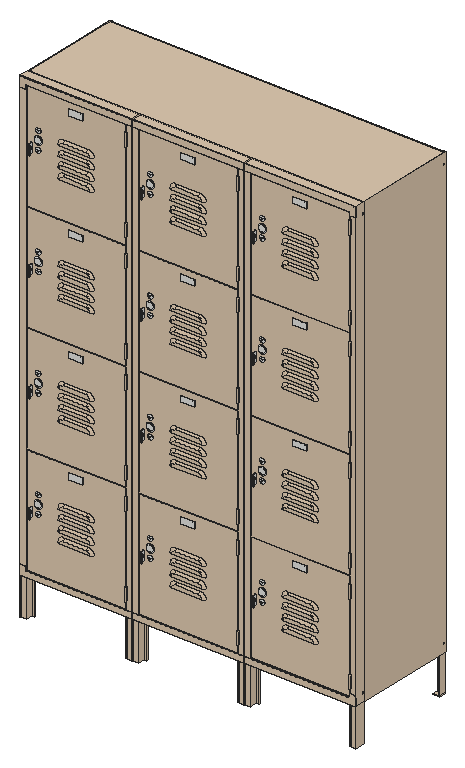
Revit family "Metal_Lockers-Salsbury_Industries-18_54000_Series-3_Wide_Units", category Specialty Equipment, Revit 2016
Family settings
  Part Type = Normal
  Round Connector Dimension = Use Diameter
  OmniClass Number = 23.40.00.00
  OmniClass Title = Equipment and Furnishings
  Work Plane-Based = No
  Always vertical = Yes
  Cut with Voids When Loaded = No
  Shared = No
  Room Calculation Point = No
Parameters (values of type "18-54368 - with Standard 6" High Legs")
  Zee Base Corner - Right Side [instance] = Metal Locker Zee Base Corner : None
  Zee Base Corner - Left Side [instance] = Metal Locker Zee Base Corner : None
  Zee Base - Right Side [instance] = Metal Locker Zee Base-Right Side : None
  Zee Base - Left Side [instance] = Metal Locker Zee Base-Left Side : None
  Zee Base = Metal Locker Zee Base - 3 Wide : None
  Width = 54.040"
  Version = "2.0 (02/28/18)"
  Unit Height including Sloping Hood Only [instance] = 82.739"
  Unit Height = 72.000"
  URL = "www.lockers.com"
  Type Comments = "18\" Wide Standard Metal Lockers - Four Tier"
  Total Door(s) Height [instance] = 69.81949"
  Sloping Top In-Line Filler - Right Side [instance] = Metal Locker Sloping Top Filler : None
  Sloping Top In-Line Filler - Left Side [instance] = Metal Locker Sloping Top Filler : None
  Sloping Top Corner Filler - Right Side [instance] = Metal Locker Sloping Corner Filler : None
  Sloping Top Corner Filler - Left Side [instance] = Metal Locker Sloping Corner Filler : None
  Sloping Hood Height = if(Depth = 18.010", 10.739", if(Depth = 21.010", 12.796", 0.000"))  # 10.739"
  Sloping Hood [instance] = Metal Locker Sloping Hood : None
  Sloping Corner Filler Offset = if(Base Height = 6.000", 77.680", if(Base Height = 4.000", 75.680", if(Base Height = 0.000", 71.680", 0.000")))  # 77.680"
  Compartment Divider Height = Individual Door Height - 0.375"  # 16.985"
  Right Side Base [instance] = Metal Locker Right Side Base : None
  Primary Structure Material [instance] = Paint - Salsbury Finish - Tan
  Overall Width including Rivets [instance] = 54.120"
  Unit Height including Base Only [instance] = 78.000"
  Overall Unit Height (including Base and Sloping Hood) [instance] = 88.739"
  OmniClass 23 Title = "Equipment and Furnishings"
  OmniClass 23 Number = "23.40.00.00"
  Model = "18-54368"
  MasterFormat Title = "Lockers"
  MasterFormat Number = "10 51 13"
  Manufacturer = "Salsbury Industries"
  Left Side Base [instance] = Metal Locker Left Side Base : None
  Individual Door Height = 17.360"
  Hasp Plate Rivet Material = Steel -Salsbury Finish - Polished Steel
  Hasp Handle Material = Plastic - Salsbury Finish - Black
  Front Vertical Filler - Right [instance] = Metal Locker Front Filler : None
  Front Vertical Filler - Left [instance] = Metal Locker Front Filler : None
  Front Base [instance] = Metal Locker Front Base : None
  Flat Top In-Line Filler - Right Side [instance] = Metal Locker Flat Top Filler : None
  Flat Top In-Line Filler - Left Side [instance] = Metal Locker Flat Top Filler : None
  Flat Top Corner Filler - Right Side [instance] = Metal Locker Flat Corner Filler : None
  Flat Top Corner Filler - Left Side [instance] = Metal Locker Flat Corner Filler : None
  Individual Door Width [instance] = 9.90055"
  End Panel - Right Side [instance] = Metal Locker End Panel : None
  End Panel - Left Side [instance] = Metal Locker End Panel : None
  Door Location D1 = Metal Locker Doors-18 inch with Latch Hasps : Four Tier Door - 6 foot
  Description = "3 Wide - 6 Feet High - 18 Inches Deep"
  Depth = 18.010"
  Base Height = 6.000"
  Standard Leg Base = Metal Locker Legs - 3 Wide : 6" High - 54"W x 18"D
  Assembly Code = "C1030310"
Reference planes (in)
  plane 1 "Center (Front/Back)": y = 0
  plane 2: z = 0
  plane 3 "Center (Left/Right)": x = 0
  plane 4 "Floor": z = 0
  plane 5 "Bottom of Unit": z = 6
  plane 6 "Top of Unit": z = 78
  plane 7 "Left Side of Unit": x = -18.02
  plane 8 "Right Side of Unit": x = 36.02
  plane 9 "Back of Unit": y = 9.005
  plane 10 "Front of Unit": y = -9.005
  plane 11 "Top of Sloping Hood": z = 88.739
  plane 12 "Left Rivet": x = -18.06
  plane 13 "Right Rivet": x = 36.06
  plane 14 "Right Side of Door Opening": x = 35.02
  plane 15 "Left Side of Door Opening": x = -17.02
  plane 16 "Top of Door Opening": z = 77
  plane 17 "Bottom of Door Opening": z = 7
  plane 18 "Back Edge of Front Facing": y = -7.417
  plane 19 "Front Plate Plane": y = -9.065
  plane 20 "Horizontal Center of Top Rivets": z = 76.5
  plane 21 "Horiz Center of Bottom Rivets": z = 7.5
  plane 22 "Vertical Center of Back Rivets": y = 8.505
  plane 23 "Vertical Center of Front Rivets": y = -7.755
  plane 24 "Right Align Top Filler Overlap": x = 35.435
  plane 25 "Left Align Top Filler Overlap": x = -17.435
  plane 26 "Corner Filler Align-Left": x = -18.08
  plane 27 "Corner Filler Align-Right": x = 36.08
  plane 28 "Right Side of Door": x = 34.95026
  plane 29 "Top of Door 1": z = 76.90976
  plane 30 "Bottom of Bottom Door": z = 7.09027
  plane 31 "Zee Base Offset": x = -17.669
  plane 32: x = 35.669
  plane 33 "Compartment Align 3": z = 24.985
  plane 34: x = -17.96
  plane 35: x = 35.96
  plane 36: x = -17.635
  plane 37: x = 35.635
  plane 38: y = 8.945
  plane 39: y = 8.895
  plane 40: y = 8.145
  plane 41: x = -17.9
  plane 42: x = 35.9
  plane 43: x = -17.095
  plane 44: x = 35.095
  plane 45: z = 77.94
  plane 46: z = 24.925
  plane 47: z = 23.985
  plane 48: z = 6.9204
  plane 49: z = 6.18539
  plane 50: z = 76.40796
  plane 51: z = 7.59204
  plane 52 "Right Side of Center Unit": x = 18.00667
  plane 53 "Left Side of Center Unit": x = -0.00667
  plane 54: x = 18.98167
  plane 55 "Left Side of Door Opening-Right Door": x = 19.00667
  plane 56: x = 17.03167
  plane 57 "Right Side of Door Opening-Center Door": x = 17.00667
  plane 58 "Right Side of Door - Center Door": x = 16.93667
  plane 59: x = 0.96833
  plane 60 "Left Side of Door Opening - Center Door": x = 0.99333
  plane 61: x = -0.98167
  plane 62 "Right Side of Door Opening - Left Door": x = -1.00667
  plane 63 "Right Side of Door - Left Door": x = -1.07667
  plane 64: z = 23.985
  plane 65 "Top of Door Row 3": z = 24.45027
  plane 66 "Bottom of Door Row 2": z = 24.57576
  plane 67 "Top of Door Row 2": z = 41.93576
  plane 68: z = 42.06276
  plane 69 "Compartment Align 2": z = 42.43527
  plane 70: z = 42.37527
  plane 71: z = 41.43527
  plane 72: z = 53.22076
  plane 73: z = 59.42276
  plane 74: z = 59.54976
  plane 75: z = 58.92076
  plane 76: z = 59.86076
  plane 77 "Compartment Align 1": z = 59.92076
  plane 78: z = 70.70625
Forms (in)
  Sweep 1, solid, material "Paint - Salsbury Finish - Tan" <- "Primary Structure Material"
    path origin (0, -9.005, 0) x (1, 0, 0) y (0, 0, 1)
      loop
        line (18.00667, 78) -> (18.00667, 6) -> (36.02, 6) -> (36.02, 78) -> (18.00667, 78)
    profile origin (27.01333, -9.005, 78) x (0, 0, 1) y (0, -1, 0)
      loop
        line (0, 0) -> (-1, 0) -> (-1, -1.588) -> (0, -1.588) -> (0, 0)
  Extrusion 2, solid, material "Paint - Salsbury Finish - Tan" <- "Primary Structure Material"
    sketch origin (0, 0, 6) x (0, -1, 0) y (1, 0, 0)
      loop
        line (7.417, 36.02) -> (-9.005, 36.02) -> (-9.005, 35.635) -> (-8.945, 35.635) -> (-8.945, 35.96) -> (7.417, 35.96) -> (7.417, 36.02)
    from 0 to 72
  Extrusion 3, solid, material "Paint - Salsbury Finish - Tan" <- "Primary Structure Material"
    sketch origin (0, 0, 6) x (0, -1, 0) y (1, 0, 0)
      loop
        line (7.417, -18.02) -> (7.417, -17.96) -> (-8.945, -17.96) -> (-8.945, -17.635) -> (-9.005, -17.635) -> (-9.005, -18.02) -> (7.417, -18.02)
    from 0 to 72
  Extrusion 4, solid, material "Paint - Salsbury Finish - Tan" <- "Primary Structure Material"
    sketch origin (0, 0, 6) x (0, -1, 0) y (1, 0, 0)
      loop
        line (-8.945, -17.96) -> (-8.145, -17.96) -> (-8.145, -17.9) -> (-8.895, -17.9) -> (-8.895, 35.9) -> (-8.145, 35.9) -> (-8.145, 35.96) -> (-8.945, 35.96) -> (-8.945, -17.96)
    from 0 to 72
  Sweep 5, solid, material "Paint - Salsbury Finish - Tan" <- "Primary Structure Material"
    path origin (0, 0, 7) x (0, -1, 0) y (1, 0, 0)
      loop
        line (7.417, -17.96) -> (7.417, 35.96) -> (-8.145, 35.96) -> (-8.145, 35.9) -> (-8.895, 35.9) -> (-8.895, -17.9) -> (-8.145, -17.9) -> (-8.145, -17.96) -> (7.417, -17.96)
    profile origin (-17.96, 0.364, 7) x (-1, 0, 0) y (0, 0, 1)
      loop
        line (0, -0.81461) -> (0, -0.0796) -> (-0.06, -0.0796) -> (-0.06, -0.81461) -> (0, -0.81461)
  Extrusion 6, solid, material "Paint - Salsbury Finish - Tan" <- "Primary Structure Material"
    sketch origin (0, 0, 7) x (0, -1, 0) y (1, 0, 0)
      loop
        line (-8.895, -17.9) -> (-8.145, -17.9) -> (-8.145, -17.96) -> (7.417, -17.96) -> (7.417, 35.96) -> (-8.145, 35.96) -> (-8.145, 35.9) -> (-8.895, 35.9) -> (-8.895, -17.9)
    from -0.0796 to 0
  Extrusion 7, solid, material "Paint - Salsbury Finish - Tan" <- "Primary Structure Material"
    sketch origin (0, 0, 78) x (0, -1, 0) y (1, 0, 0)
      loop
        line (-8.895, -17.9) -> (-8.145, -17.9) -> (-8.145, -17.96) -> (7.417, -17.96) -> (7.417, 35.96) -> (-8.145, 35.96) -> (-8.145, 35.9) -> (-8.895, 35.9) -> (-8.895, -17.9)
    from -0.06 to 0
  Extrusion 8, solid, material "Paint - Salsbury Finish - Tan" <- "Primary Structure Material"
    sketch origin (0, -9.065, 0) x (0, 0, -1) y (1, 0, 0)
      loop
        line (-78, -18.02) -> (-76.47656, -18.02)
        arc (-76.47656, -18.02) -> (-76.42806, -17.99991) -> (-76.40796, -17.9514) r 0.0686
        line (-76.40796, -17.9514) -> (-76.40796, -17.16351)
        arc (-76.40796, -17.16351) -> (-76.42809, -17.11506) -> (-76.47656, -17.095) r 0.0686
        line (-76.47656, -17.095) -> (-77, -17.095) -> (-77, 35.095) -> (-76.47656, 35.095)
        arc (-76.47656, 35.095) -> (-76.42809, 35.11506) -> (-76.40796, 35.16351) r 0.0686
        line (-76.40796, 35.16351) -> (-76.40796, 35.9514)
        arc (-76.40796, 35.9514) -> (-76.42806, 35.99991) -> (-76.47656, 36.02) r 0.0686
        line (-76.47656, 36.02) -> (-78, 36.02) -> (-78, -18.02)
    from -0.06 to 0
  Extrusion 9, solid, material "Paint - Salsbury Finish - Tan" <- "Primary Structure Material"
    sketch origin (0, -9.065, 84) x (0, 0, 1) y (-1, 0, 0)
      loop
        line (-78, 18.02) -> (-78, -36.02) -> (-76.47656, -36.02)
        arc (-76.47656, -36.02) -> (-76.42806, -35.99991) -> (-76.40796, -35.9514) r 0.0686
        line (-76.40796, -35.9514) -> (-76.40796, -35.16351)
        arc (-76.40796, -35.16351) -> (-76.42809, -35.11506) -> (-76.47656, -35.095) r 0.0686
        line (-76.47656, -35.095) -> (-77, -35.095) -> (-77, 17.095) -> (-76.47656, 17.095)
        arc (-76.47656, 17.095) -> (-76.42809, 17.11506) -> (-76.40796, 17.16351) r 0.0686
        line (-76.40796, 17.16351) -> (-76.40796, 17.9514)
        arc (-76.40796, 17.9514) -> (-76.42806, 17.99991) -> (-76.47656, 18.02) r 0.0686
        line (-76.47656, 18.02) -> (-78, 18.02)
    from -0.06 to 0
  Blend 10, solid, material "Steel -Salsbury Finish - Polished Steel" <- "Hasp Plate Rivet Material"
    base sketch origin (36.02, 0, 0) x (0, 0, -1) y (0, -1, 0)
      loop
        circle (-76.5, 7.755) r 0.187
    top sketch origin (36.02, 0, 0) x (0, 0, -1) y (0, -1, 0)
      loop
        circle (-76.5, 7.755) r 0.05319
    from 0 to -0.04
  Blend 11, solid, material "Steel -Salsbury Finish - Polished Steel" <- "Hasp Plate Rivet Material"
    base sketch origin (36.02, 0, -69) x (0, 0, -1) y (0, -1, 0)
      loop
        circle (-76.5, 7.755) r 0.187
    top sketch origin (36.02, 0, -69) x (0, 0, -1) y (0, -1, 0)
      loop
        circle (-76.5, 7.755) r 0.05319
    from 0 to -0.04
  Blend 12, solid, material "Steel -Salsbury Finish - Polished Steel" <- "Hasp Plate Rivet Material"
    base sketch origin (36.02, 10.26, -69) x (0, 0, -1) y (0, -1, 0)
      loop
        circle (-76.5, 1.755) r 0.187
    top sketch origin (36.02, 10.26, -69) x (0, 0, -1) y (0, -1, 0)
      loop
        circle (-76.5, 1.755) r 0.05319
    from 0 to -0.04
  Blend 13, solid, material "Steel -Salsbury Finish - Polished Steel" <- "Hasp Plate Rivet Material"
    base sketch origin (36.02, 10.26, 0.0043) x (0, 0, -1) y (0, -1, 0)
      loop
        circle (-76.5, 1.755) r 0.187
    top sketch origin (36.02, 10.26, 0.0043) x (0, 0, -1) y (0, -1, 0)
      loop
        circle (-76.5, 1.755) r 0.05319
    from 0 to -0.04
  Blend 14, solid, material "Steel -Salsbury Finish - Polished Steel" <- "Hasp Plate Rivet Material"
    base sketch origin (-6.02, 0, -69) x (0, 0, -1) y (0, 1, 0)
      loop
        circle (-76.5, -7.755) r 0.187
    top sketch origin (-6.02, 0, -69) x (0, 0, -1) y (0, 1, 0)
      loop
        circle (-76.5, -7.755) r 0.05319
    from -12 to -12.04
  Blend 15, solid, material "Steel -Salsbury Finish - Polished Steel" <- "Hasp Plate Rivet Material"
    base sketch origin (-6.02, 10.26, -69) x (0, 0, -1) y (0, 1, 0)
      loop
        circle (-76.5, -1.755) r 0.187
    top sketch origin (-6.02, 10.26, -69) x (0, 0, -1) y (0, 1, 0)
      loop
        circle (-76.5, -1.755) r 0.05319
    from -12 to -12.04
  Blend 16, solid, material "Steel -Salsbury Finish - Polished Steel" <- "Hasp Plate Rivet Material"
    base sketch origin (-6.02, 0, 0) x (0, 0, -1) y (0, 1, 0)
      loop
        circle (-76.5, -7.755) r 0.187
    top sketch origin (-6.02, 0, 0) x (0, 0, -1) y (0, 1, 0)
      loop
        circle (-76.5, -7.755) r 0.05319
    from -12 to -12.04
  Blend 17, solid, material "Steel -Salsbury Finish - Polished Steel" <- "Hasp Plate Rivet Material"
    base sketch origin (-6.02, 10.26, 0.00039) x (0, 0, -1) y (0, 1, 0)
      loop
        circle (-76.5, -1.755) r 0.187
    top sketch origin (-6.02, 10.26, 0.00039) x (0, 0, -1) y (0, 1, 0)
      loop
        circle (-76.5, -1.755) r 0.05319
    from -12 to -12.04
  Extrusion 18, solid, material "Paint - Salsbury Finish - Tan" <- "Primary Structure Material"
    sketch origin (0, 0, 24.985) x (0, -1, 0) y (1, 0, 0)
      loop
        line (-8.895, -17.9) -> (-8.145, -17.9) -> (-8.145, -17.96) -> (7.417, -17.96) -> (7.417, 35.96) -> (-8.145, 35.96) -> (-8.145, 35.9) -> (-8.895, 35.9) -> (-8.895, -17.9)
    from -0.06 to 0
  Sweep 19, solid, material "Paint - Salsbury Finish - Tan" <- "Primary Structure Material"
    path origin (0, 0, 24.985) x (0, -1, 0) y (1, 0, 0)
      loop
        line (7.417, -17.96) -> (7.417, 35.96) -> (-8.145, 35.96) -> (-8.145, 35.9) -> (-8.895, 35.9) -> (-8.895, -17.9) -> (-8.145, -17.9) -> (-8.145, -17.96) -> (7.417, -17.96)
    profile origin (-17.96, 0.364, 24.985) x (-1, 0, 0) y (0, 0, 1)
      loop
        line (0, -1) -> (0, -0.06) -> (-0.06, -0.06) -> (-0.06, -1) -> (0, -1)
  Sweep 20, solid, material "Paint - Salsbury Finish - Tan" <- "Primary Structure Material"
    path origin (-12.01333, -9.005, 0) x (1, 0, 0) y (0, 0, 1)
      loop
        line (12.00667, 78) -> (12.00667, 6) -> (30.02, 6) -> (30.02, 78) -> (12.00667, 78)
    profile origin (9, -9.005, 78) x (0, 0, 1) y (0, -1, 0)
      loop
        line (0, 0) -> (-1, 0) -> (-1, -1.588) -> (0, -1.588) -> (0, 0)
  Sweep 21, solid, material "Paint - Salsbury Finish - Tan" <- "Primary Structure Material"
    path origin (-24.02667, -9.005, 0) x (1, 0, 0) y (0, 0, 1)
      loop
        line (6.00667, 78) -> (6.00667, 6) -> (24.02, 6) -> (24.02, 78) -> (6.00667, 78)
    profile origin (-9.01333, -9.005, 78) x (0, 0, 1) y (0, -1, 0)
      loop
        line (0, 0) -> (-1, 0) -> (-1, -1.588) -> (0, -1.588) -> (0, 0)
  Extrusion 22, solid, material "Paint - Salsbury Finish - Tan" <- "Primary Structure Material"
    sketch origin (0, 0, 42.43527) x (0, -1, 0) y (1, 0, 0)
      loop
        line (-8.945, -17.9) -> (-8.145, -17.9) -> (-8.145, -17.96) -> (7.417, -17.96) -> (7.417, 35.96) -> (-8.145, 35.96) -> (-8.145, 35.9) -> (-8.945, 35.9) -> (-8.945, -17.9)
    from -0.06 to 0
  Sweep 23, solid, material "Paint - Salsbury Finish - Tan" <- "Primary Structure Material"
    path origin (0, 0, 42.43527) x (0, -1, 0) y (1, 0, 0)
      loop
        line (7.417, -17.96) -> (7.417, 35.96) -> (-8.145, 35.96) -> (-8.145, 35.9) -> (-8.945, 35.9) -> (-8.945, -17.9) -> (-8.145, -17.9) -> (-8.145, -17.96) -> (7.417, -17.96)
    profile origin (-17.96, 0.364, 42.43527) x (-1, 0, 0) y (0, 0, 1)
      loop
        line (0, -1) -> (0, -0.06) -> (-0.06, -0.06) -> (-0.06, -1) -> (0, -1)
  Extrusion 24, solid, material "Paint - Salsbury Finish - Tan" <- "Primary Structure Material"
    sketch origin (0, 0, 59.92076) x (0, -1, 0) y (1, 0, 0)
      loop
        line (-8.945, -17.9) -> (-8.145, -17.9) -> (-8.145, -17.96) -> (7.417, -17.96) -> (7.417, 35.96) -> (-8.145, 35.96) -> (-8.145, 35.9) -> (-8.945, 35.9) -> (-8.945, -17.9)
    from -0.06 to 0
  Sweep 25, solid, material "Paint - Salsbury Finish - Tan" <- "Primary Structure Material"
    path origin (0, 0, 59.92076) x (0, -1, 0) y (1, 0, 0)
      loop
        line (7.417, -17.96) -> (7.417, 35.96) -> (-8.145, 35.96) -> (-8.145, 35.9) -> (-8.945, 35.9) -> (-8.945, -17.9) -> (-8.145, -17.9) -> (-8.145, -17.96) -> (7.417, -17.96)
    profile origin (-17.96, 0.364, 59.92076) x (-1, 0, 0) y (0, 0, 1)
      loop
        line (0, -1) -> (0, -0.06) -> (-0.06, -0.06) -> (-0.06, -1) -> (0, -1)
Lines and regions (in)
  reference lines
    curve 1: line (-41.59242, -9.065, 78) -> (66.15758, -9.065, 78)
  symbolic lines
    curve 2: line (-18.02, 9.005, 78) -> (36.02, 9.005, 78)
    curve 3: line (-18.02, -9.065, 78) -> (-18.02, 9.005, 78)
    curve 4: line (36.02, -9.065, 78) -> (-18.02, -9.065, 78)
    curve 5: line (36.02, 9.005, 78) -> (36.02, -9.065, 78)
    curve 6: line (-18.06, -7.80819, 78) -> (-18.02, -7.91809, 78)
    curve 7: line (-18.02, -7.58043, 78) -> (-18.06, -7.70181, 78)
    curve 8: line (-18.06, -7.80819, 78) -> (-18.06, -7.70181, 78)
    curve 9: line (-18.06, 8.45181, 78) -> (-18.02, 8.31077, 78)
    curve 10: line (-18.06, 8.55819, 78) -> (-18.02, 8.68474, 78)
    curve 11: line (-18.06, 8.55819, 78) -> (-18.06, 8.45181, 78)
    curve 12: line (36.06, 8.55819, 78) -> (36.02, 8.70747, 78)
    curve 13: line (36.06, 8.45181, 78) -> (36.02, 8.3179, 78)
    curve 14: line (36.06, 8.55819, 78) -> (36.06, 8.45181, 78)
    curve 15: line (36.06, -7.70181, 78) -> (36.02, -7.57098, 78)
    curve 16: line (36.06, -7.80819, 78) -> (36.02, -7.94769, 78)
    curve 17: line (36.06, -7.70181, 78) -> (36.06, -7.80819, 78)
  model lines
    curve 18: line (18.00667, 9.005, 6) -> (18.00667, 9.005, 78)
    curve 19: line (-0.00667, 9.005, 6) -> (-0.00667, 9.005, 78)
    curve 20: line (-0.00667, 8.945, 78) -> (-0.00667, -9.065, 78)
    curve 21: line (18.00667, 8.945, 78) -> (18.00667, -9.065, 78)
Dimensions and locks (in)
  equal spacing: plane 7 "Left Side of Unit", plane 53 "Left Side of Center Unit", plane 52 "Right Side of Center Unit", plane 8 "Right Side of Unit"
  "Width": plane 7 "Left Side of Unit" to plane 8 "Right Side of Unit"
  "Base Height": plane 5 "Bottom of Unit" to plane 4 "Floor"
  "Unit Height": plane 6 "Top of Unit" to plane 5 "Bottom of Unit"
  "Unit Height including Base Only": plane 6 "Top of Unit" to plane 4 "Floor"
  equal spacing: plane 10 "Front of Unit", plane 1 "Center (Front/Back)", plane 9 "Back of Unit"
  "Depth": plane 10 "Front of Unit" to plane 9 "Back of Unit"
  "Sloping Hood Height": plane 11 "Top of Sloping Hood" to plane 6 "Top of Unit"
  "Overall Unit Height (including Base and Sloping Hood)": plane 11 "Top of Sloping Hood" to plane 4 "Floor"
  locked: plane 12 "Left Rivet" to plane 7 "Left Side of Unit" at 0.04
  locked: plane 8 "Right Side of Unit" to plane 13 "Right Rivet" at 0.04
  "Overall Width including Rivets": plane 12 "Left Rivet" to plane 13 "Right Rivet"
  plane 6 "Top of Unit" to plane 16 "Top of Door Opening" to plane 29 "Top of Door 1" to plane 50 = 1.000" locked, 0.09024", 0.5018"
  plane 51 to plane 30 "Bottom of Bottom Door" to plane 17 "Bottom of Door Opening" to plane 5 "Bottom of Unit" = 0.50177", 0.09027", 1.000" locked
  locked: plane 7 "Left Side of Unit" to plane 15 "Left Side of Door Opening" at 1
  plane 28 "Right Side of Door" to plane 14 "Right Side of Door Opening" to plane 8 "Right Side of Unit" = 0.06974", 1.000" locked
  plane 19 "Front Plate Plane" to plane 10 "Front of Unit" to plane 18 "Back Edge of Front Facing" = 0.060" locked, 1.588" locked
  "Unit Height including Sloping Hood Only": plane 11 "Top of Sloping Hood" to plane 5 "Bottom of Unit"
  locked: plane 20 "Horizontal Center of Top Rivets" to plane 6 "Top of Unit" at 1.5
  locked: plane 5 "Bottom of Unit" to plane 21 "Horiz Center of Bottom Rivets" at 1.5
  locked: plane 22 "Vertical Center of Back Rivets" to plane 9 "Back of Unit" at 0.5
  locked: plane 10 "Front of Unit" to plane 23 "Vertical Center of Front Rivets" at 1.25
  locked: plane 24 "Right Align Top Filler Overlap" to plane 13 "Right Rivet" at 0.625
  locked: plane 12 "Left Rivet" to plane 25 "Left Align Top Filler Overlap" at 0.625
  locked: plane 8 "Right Side of Unit" to plane 27 "Corner Filler Align-Right" at 0.06
  locked: plane 26 "Corner Filler Align-Left" to plane 7 "Left Side of Unit" at 0.06
  "Total Door(s) Height": plane 29 "Top of Door 1" to plane 30 "Bottom of Bottom Door"
  plane 7 "Left Side of Unit" to plane 31 "Zee Base Offset" = 0.351"
  plane 32 to plane 8 "Right Side of Unit" = 0.351"
  plane 33 "Compartment Align 3" to plane 46 to plane 64 = 0.060" locked, 0.940" locked
  plane 7 "Left Side of Unit" to plane 34 to plane 41 to plane 36 = 0.060" locked, 0.060" locked, 0.265" locked
  plane 37 to plane 42 to plane 35 to plane 8 "Right Side of Unit" = 0.265" locked, 0.060", 0.060"
  plane 40 to plane 39 to plane 38 to plane 9 "Back of Unit" = 0.750" locked, 0.050", 0.060"
  locked: plane 7 "Left Side of Unit" to plane 43 at 0.925
  locked: plane 44 to plane 8 "Right Side of Unit" at 0.925
  locked: plane 6 "Top of Unit" to plane 45 at 0.06
  plane 46 to plane 47 = 0.940"
  locked: plane 17 "Bottom of Door Opening" to plane 48 at 0.0796
  plane 48 to plane 49 = 0.73501"
  plane 58 "Right Side of Door - Center Door" to plane 57 "Right Side of Door Opening-Center Door" to plane 56 to plane 52 "Right Side of Center Unit" to plane 54 to plane 55 "Left Side of Door Opening-Right Door" = 0.070", 0.025", 0.975", 0.975", 0.025"
  plane 63 "Right Side of Door - Left Door" to plane 62 "Right Side of Door Opening - Left Door" to plane 61 to plane 53 "Left Side of Center Unit" to plane 59 to plane 60 "Left Side of Door Opening - Center Door" = 0.070", 0.025", 0.975", 0.975", 0.025"
  "Individual Door Height": plane 65 "Top of Door Row 3" to plane 30 "Bottom of Bottom Door"
  "Compartment Divider Height": plane 64 to plane 17 "Bottom of Door Opening"
  locked: plane 66 "Bottom of Door Row 2" to plane 65 "Top of Door Row 3" at 0.12549
  "Individual Door Height": plane 67 "Top of Door Row 2" to plane 66 "Bottom of Door Row 2"
  locked: plane 68 to plane 67 "Top of Door Row 2" at 0.127
  plane 69 "Compartment Align 2" to plane 70 to plane 71 = 0.060" locked, 0.940" locked
  "Compartment Divider Height": plane 71 to plane 65 "Top of Door Row 3"
  "Individual Door Height": plane 73 to plane 68
  locked: plane 74 to plane 73 at 0.127
  "Compartment Divider Height": plane 75 to plane 67 "Top of Door Row 2"
  plane 77 "Compartment Align 1" to plane 76 to plane 75 = 0.060" locked, 0.940" locked
  aligned and locked: level to plane 2
  aligned and locked: Extrusion 2 to plane 6 "Top of Unit"
  aligned and locked: Extrusion 3 to plane 6 "Top of Unit"
  aligned and locked: Extrusion 4 to plane 6 "Top of Unit"
  aligned and locked: Extrusion 8 to plane 10 "Front of Unit"
  aligned and locked: Extrusion 9 to plane 10 "Front of Unit"
  aligned and locked: Extrusion 6 to plane 17 "Bottom of Door Opening"
  aligned and locked: plane 4 "Floor" to nested 2
  aligned and locked: plane 5 "Bottom of Unit" to Extrusion 9
  aligned and locked: plane 8 "Right Side of Unit" to nested 6
  aligned and locked: plane 7 "Left Side of Unit" to nested 7
  aligned and locked: Blend 10 to plane 13 "Right Rivet"
  aligned and locked: plane 8 "Right Side of Unit" to Blend 10
  aligned and locked: Blend 15 to plane 7 "Left Side of Unit"
  aligned and locked: Blend 14 to plane 7 "Left Side of Unit"  (x2)
  aligned and locked: plane 12 "Left Rivet" to Blend 14
  aligned and locked: plane 12 "Left Rivet" to Blend 15
  aligned and locked: Blend 14 to plane 12 "Left Rivet"
  aligned and locked: Blend 17 to plane 7 "Left Side of Unit"
  aligned and locked: plane 12 "Left Rivet" to Blend 17
  aligned and locked: Blend 16 to plane 7 "Left Side of Unit"
  aligned and locked: plane 12 "Left Rivet" to Blend 16
  aligned and locked: plane 5 "Bottom of Unit" to nested 10
  aligned and locked: plane 13 "Right Rivet" to nested 10
  aligned and locked: plane 12 "Left Rivet" to nested 11
  aligned and locked: nested 11 to plane 10 "Front of Unit"
  aligned and locked: plane 13 "Right Rivet" to nested 12
  aligned and locked: plane 10 "Front of Unit" to nested 12
  aligned and locked: plane 6 "Top of Unit" to nested 12
  aligned and locked: plane 12 "Left Rivet" to nested 13
  aligned and locked: plane 10 "Front of Unit" to nested 13
  aligned and locked: plane 6 "Top of Unit" to nested 13
  aligned and locked: plane 6 "Top of Unit" to nested 14
  aligned and locked: nested 14 to plane 19 "Front Plate Plane"
  aligned and locked: nested 14 to plane 24 "Right Align Top Filler Overlap"
  aligned and locked: nested 15 to plane 25 "Left Align Top Filler Overlap"
  aligned and locked: nested 15 to plane 19 "Front Plate Plane"
  aligned and locked: nested 10 to nested 15
  aligned and locked: plane 19 "Front Plate Plane" to nested 16
  aligned and locked: plane 6 "Top of Unit" to nested 16
  aligned and locked: nested 17 to plane 6 "Top of Unit"
  aligned and locked: nested 17 to plane 19 "Front Plate Plane"
  aligned and locked: nested 18 to plane 24 "Right Align Top Filler Overlap"
  aligned and locked: nested 18 to plane 19 "Front Plate Plane"
  aligned and locked: plane 16 "Top of Door Opening" to nested 18
  aligned and locked: nested 19 to plane 16 "Top of Door Opening"
  aligned and locked: nested 19 to plane 25 "Left Align Top Filler Overlap"
  aligned and locked: nested 19 to plane 19 "Front Plate Plane"
  aligned and locked: nested 11 to plane 6 "Top of Unit"
  aligned and locked: plane 10 "Front of Unit" to nested 10
  aligned and locked: plane 10 "Front of Unit" to nested 21
  aligned and locked: plane 10 "Front of Unit" to nested 1
  aligned and locked: plane 10 "Front of Unit" to nested 2
  aligned and locked: plane 7 "Left Side of Unit" to nested 17
  aligned and locked: plane 31 "Zee Base Offset" to nested 9
  aligned and locked: plane 18 "Back Edge of Front Facing" to nested 9
  aligned and locked: nested 8 to plane 18 "Back Edge of Front Facing"
  aligned and locked: plane 32 to nested 8
  aligned and locked: Sweep 19 sketch curve to Extrusion 18
  aligned and locked: plane 7 "Left Side of Unit" to Extrusion 3
  aligned and locked: Extrusion 3 to plane 9 "Back of Unit"
  aligned and locked: Extrusion 2 to plane 8 "Right Side of Unit"
  aligned and locked: Extrusion 2 to plane 9 "Back of Unit"
  aligned and locked: plane 18 "Back Edge of Front Facing" to Extrusion 3
  aligned and locked: plane 18 "Back Edge of Front Facing" to Extrusion 2
  aligned and locked: plane 34 to Extrusion 3
  aligned and locked: Extrusion 2 to plane 35
  aligned and locked: plane 36 to Extrusion 3
  aligned and locked: Extrusion 2 to plane 37
  aligned and locked: Extrusion 3 to plane 38
  aligned and locked: plane 38 to Extrusion 2
  aligned and locked: Extrusion 4 to plane 38
  aligned and locked: Extrusion 4 to plane 39
  aligned and locked: Extrusion 4 to plane 34
  aligned and locked: plane 40 to Extrusion 4  (x2)
  aligned and locked: plane 41 to Extrusion 4
  aligned and locked: plane 42 to Extrusion 4
  aligned and locked: Extrusion 7 to plane 39
  aligned and locked: plane 41 to Extrusion 7
  aligned and locked: Extrusion 7 to plane 34  (x2)
  aligned and locked: Extrusion 7 to plane 40  (x2)
  aligned and locked: Extrusion 7 to plane 42
  aligned and locked: Extrusion 7 to plane 35  (x2)
  aligned and locked: plane 18 "Back Edge of Front Facing" to Extrusion 7
  aligned and locked: plane 18 "Back Edge of Front Facing" to Extrusion 6
  aligned and locked: Extrusion 6 to plane 39
  aligned and locked: Extrusion 6 to plane 42
  aligned and locked: Extrusion 6 to plane 40  (x2)
  aligned and locked: Extrusion 6 to plane 35
  aligned and locked: plane 41 to Extrusion 6
  aligned and locked: Extrusion 6 to plane 34
  aligned and locked: Sweep 5 to plane 39
  aligned and locked: Sweep 5 to plane 40  (x2)
  aligned and locked: Sweep 5 to plane 42
  aligned and locked: Sweep 5 to plane 35
  aligned and locked: plane 18 "Back Edge of Front Facing" to Sweep 5
  aligned and locked: Sweep 5 to plane 34
  aligned and locked: plane 41 to Sweep 5
  aligned and locked: Sweep 5 sketch curve to plane 41
  aligned and locked: Sweep 5 sketch curve to plane 39
  aligned and locked: plane 40 to Sweep 5 sketch curve  (x2)
  aligned and locked: Sweep 5 sketch curve to plane 34  (x2)
  aligned and locked: plane 42 to Sweep 5 sketch curve
  aligned and locked: Sweep 5 sketch curve to plane 35
  aligned and locked: Sweep 5 sketch curve to plane 18 "Back Edge of Front Facing"
  aligned and locked: Extrusion 18 to plane 39
  aligned and locked: Extrusion 18 to plane 42
  aligned and locked: Extrusion 18 to plane 40  (x2)
  aligned and locked: Extrusion 18 to plane 35
  aligned and locked: plane 18 "Back Edge of Front Facing" to Extrusion 18
  aligned and locked: Extrusion 18 to plane 34
  aligned and locked: plane 41 to Extrusion 18
  aligned and locked: Sweep 19 sketch curve to plane 39
  aligned and locked: plane 42 to Sweep 19 sketch curve
  aligned and locked: plane 40 to Sweep 19 sketch curve  (x2)
  aligned and locked: Sweep 19 sketch curve to plane 35
  aligned and locked: Sweep 19 sketch curve to plane 18 "Back Edge of Front Facing"
  aligned and locked: Sweep 19 sketch curve to plane 34  (x2)
  aligned and locked: Sweep 19 sketch curve to plane 41
  aligned and locked: plane 6 "Top of Unit" to Sweep 1 sketch curve  (x2)
  aligned and locked: plane 8 "Right Side of Unit" to Sweep 1 sketch curve
  aligned and locked: Sweep 1 sketch curve to plane 5 "Bottom of Unit"
  aligned and locked: plane 10 "Front of Unit" to Sweep 1
  aligned and locked: Extrusion 8 to plane 19 "Front Plate Plane"
  aligned and locked: plane 10 "Front of Unit" to Extrusion 8
  aligned and locked: Extrusion 8 to plane 8 "Right Side of Unit"
  aligned and locked: plane 7 "Left Side of Unit" to Extrusion 8
  aligned and locked: plane 7 "Left Side of Unit" to Extrusion 9
  aligned and locked: plane 19 "Front Plate Plane" to Extrusion 9
  aligned and locked: Extrusion 9 to plane 8 "Right Side of Unit"
  aligned and locked: plane 43 to Extrusion 9
  aligned and locked: plane 44 to Extrusion 9
  aligned and locked: plane 44 to Extrusion 8
  aligned and locked: Extrusion 8 to plane 43
  aligned and locked: plane 28 "Right Side of Door" to nested 21
  aligned and locked: plane 18 "Back Edge of Front Facing" to Sweep 1 sketch curve
  aligned and locked: Sweep 1 sketch curve to plane 16 "Top of Door Opening"
  aligned and locked: Sweep 1 sketch curve to plane 10 "Front of Unit"
  aligned and locked: plane 5 "Bottom of Unit" to Extrusion 4
  aligned and locked: plane 35 to Extrusion 4
  aligned and locked: plane 5 "Bottom of Unit" to Extrusion 3
  aligned and locked: plane 5 "Bottom of Unit" to Extrusion 2
  aligned and locked: Extrusion 7 to plane 6 "Top of Unit"
  aligned and locked: plane 45 to Extrusion 7
  aligned and locked: Extrusion 18 to plane 33 "Compartment Align 3"
  aligned and locked: Extrusion 18 to plane 46
  aligned and locked: plane 41 to Sweep 19 sketch curve
  aligned and locked: plane 47 to Sweep 19 sketch curve
  aligned and locked: Extrusion 6 to plane 48
  aligned and locked: Sweep 5 to plane 48
  aligned and locked: Sweep 5 sketch curve to plane 49
  aligned and locked: Sweep 5 sketch curve to plane 48
  aligned and locked: plane 41 to Sweep 5 sketch curve
  aligned and locked: plane 50 to Extrusion 8
  aligned and locked: Extrusion 8 to plane 50
  aligned and locked: Extrusion 8 to plane 6 "Top of Unit"
  aligned and locked: plane 16 "Top of Door Opening" to Extrusion 8
  aligned and locked: Extrusion 9 to plane 17 "Bottom of Door Opening"
  aligned and locked: plane 51 to Extrusion 9  (x2)
  aligned and locked: plane 4 "Floor" to nested 1
  aligned and locked: Blend 12 to plane 13 "Right Rivet"
  aligned and locked: plane 8 "Right Side of Unit" to Blend 12
  aligned and locked: plane 8 "Right Side of Unit" to Blend 13
  aligned and locked: Blend 13 to plane 13 "Right Rivet"
  aligned and locked: plane 8 "Right Side of Unit" to Blend 11
  aligned and locked: Blend 11 to plane 13 "Right Rivet"
  aligned and locked: curve 4 to Extrusion 8
  aligned and locked: curve 5 to Extrusion 8
  aligned and locked: curve 8 to Blend 14
  aligned and locked: curve 11 to Blend 15
  aligned and locked: curve 14 to Blend 12
  aligned and locked: curve 17 to Blend 10
  aligned and locked: Sweep 1 sketch curve to plane 52 "Right Side of Center Unit"
  aligned and locked: plane 6 "Top of Unit" to Sweep 20 sketch curve
  aligned and locked: Sweep 20 sketch curve to plane 5 "Bottom of Unit"
  aligned and locked: Sweep 21 sketch curve to plane 5 "Bottom of Unit"
  aligned and locked: plane 53 "Left Side of Center Unit" to Sweep 21 sketch curve
  aligned and locked: Sweep 21 sketch curve to plane 7 "Left Side of Unit"
  aligned and locked: plane 6 "Top of Unit" to Sweep 21 sketch curve
  aligned and locked: Sweep 20 sketch curve to plane 53 "Left Side of Center Unit"
  aligned and locked: plane 52 "Right Side of Center Unit" to Sweep 20 sketch curve
  aligned and locked: plane 10 "Front of Unit" to nested 23
  aligned and locked: plane 18 "Back Edge of Front Facing" to Sweep 20 sketch curve
  aligned and locked: Sweep 20 sketch curve to plane 16 "Top of Door Opening"
  aligned and locked: profile plane to Sweep 20 sketch curve
  aligned and locked: Sweep 20 sketch curve to profile plane
  aligned and locked: profile plane to Sweep 21 sketch curve
  aligned and locked: plane 18 "Back Edge of Front Facing" to Sweep 21 sketch curve
  aligned and locked: Sweep 21 sketch curve to plane 16 "Top of Door Opening"
  aligned and locked: Sweep 21 sketch curve to profile plane
  aligned and locked: plane 58 "Right Side of Door - Center Door" to nested 22
  aligned and locked: plane 63 "Right Side of Door - Left Door" to nested 23
  aligned and locked: nested 22 to plane 30 "Bottom of Bottom Door"
  aligned and locked: nested 23 to plane 30 "Bottom of Bottom Door"
  aligned and locked: plane 4 "Floor" to nested 5
  aligned and locked: plane 9 "Back of Unit" to nested 6
  aligned and locked: plane 9 "Back of Unit" to nested 7
  aligned and locked: plane 52 "Right Side of Center Unit" to curve 18
  aligned and locked: plane 53 "Left Side of Center Unit" to curve 19
  aligned and locked: plane 5 "Bottom of Unit" to curve 19
  aligned and locked: plane 5 "Bottom of Unit" to curve 18
  aligned and locked: plane 6 "Top of Unit" to curve 18
  aligned and locked: plane 6 "Top of Unit" to curve 19
  aligned and locked: curve 20 to Extrusion 4
  aligned and locked: curve 20 to Sweep 21
  aligned and locked: curve 21 to Sweep 20
  aligned and locked: Extrusion 4 to curve 21
  aligned and locked: Extrusion 8 to curve 20
  aligned and locked: plane 6 "Top of Unit" to nested 24
  aligned and locked: plane 19 "Front Plate Plane" to nested 24
  aligned and locked: plane 10 "Front of Unit" to nested 22
  aligned and locked: nested 21 to plane 30 "Bottom of Bottom Door"
  aligned and locked: Sweep 19 to plane 64
  aligned and locked: nested 25 to plane 66 "Bottom of Door Row 2"
  aligned and locked: nested 26 to plane 66 "Bottom of Door Row 2"
  aligned and locked: nested 27 to plane 66 "Bottom of Door Row 2"
  aligned and locked: plane 28 "Right Side of Door" to nested 25
  aligned and locked: plane 58 "Right Side of Door - Center Door" to nested 26
  aligned and locked: plane 63 "Right Side of Door - Left Door" to nested 27
  aligned and locked: plane 10 "Front of Unit" to nested 25
  aligned and locked: plane 10 "Front of Unit" to nested 26
  aligned and locked: plane 10 "Front of Unit" to nested 27
  aligned and locked: plane 68 to nested 28
  aligned and locked: nested 29 to plane 68
  aligned and locked: nested 30 to plane 68
  aligned and locked: Extrusion 22 to Sweep 23 sketch curve
  aligned and locked: plane 70 to Extrusion 22
  aligned and locked: Extrusion 22 to plane 69 "Compartment Align 2"
  aligned and locked: Sweep 23 sketch curve to plane 71
  aligned and locked: plane 28 "Right Side of Door" to nested 28
  aligned and locked: plane 58 "Right Side of Door - Center Door" to nested 29
  aligned and locked: plane 63 "Right Side of Door - Left Door" to nested 30
  aligned and locked: plane 10 "Front of Unit" to nested 28
  aligned and locked: plane 10 "Front of Unit" to nested 29
  aligned and locked: plane 10 "Front of Unit" to nested 30
  aligned and locked: Sweep 23 to Extrusion 22  (x2)
  aligned and locked: plane 18 "Back Edge of Front Facing" to Extrusion 22
  aligned and locked: Extrusion 22 to nested 5
  aligned and locked: Extrusion 22 to Sweep 23  (x2)
  aligned and locked: Sweep 23 sketch curve to plane 18 "Back Edge of Front Facing"
  aligned and locked: Sweep 23 sketch curve to plane 35
  aligned and locked: plane 42 to Sweep 23 sketch curve
  aligned and locked: Sweep 23 sketch curve to plane 34
  aligned and locked: Sweep 23 sketch curve to plane 41
  aligned and locked: Sweep 23 sketch curve to plane 38
  aligned and locked: plane 74 to nested 31
  aligned and locked: nested 32 to plane 74
  aligned and locked: nested 33 to plane 74
  aligned and locked: plane 28 "Right Side of Door" to nested 31
  aligned and locked: plane 58 "Right Side of Door - Center Door" to nested 32
  aligned and locked: plane 63 "Right Side of Door - Left Door" to nested 33
  aligned and locked: plane 10 "Front of Unit" to nested 31
  aligned and locked: plane 10 "Front of Unit" to nested 32
  aligned and locked: plane 10 "Front of Unit" to nested 33
  aligned and locked: Extrusion 24 to Sweep 25 sketch curve
  aligned and locked: Sweep 25 to Extrusion 24  (x2)
  aligned and locked: Extrusion 24 to Sweep 25  (x2)
  aligned and locked: Extrusion 24 to plane 77 "Compartment Align 1"
  aligned and locked: plane 76 to Extrusion 24
  aligned and locked: Extrusion 24 to plane 38
  aligned and locked: plane 18 "Back Edge of Front Facing" to Extrusion 24
  aligned and locked: plane 41 to Extrusion 24
  aligned and locked: Extrusion 24 to plane 42
  aligned and locked: Extrusion 24 to plane 35
  aligned and locked: Sweep 25 sketch curve to plane 34
  aligned and locked: Sweep 25 sketch curve to plane 41
  aligned and locked: Sweep 25 sketch curve to plane 18 "Back Edge of Front Facing"
  aligned and locked: Sweep 25 sketch curve to plane 35
  aligned and locked: plane 42 to Sweep 25 sketch curve
  aligned and locked: Sweep 25 sketch curve to plane 38
  aligned and locked: Sweep 25 sketch curve to plane 75
  aligned and locked: Extrusion 24 sketch curve to plane 40  (x2)
  aligned and locked: plane 40 to Sweep 25 sketch curve  (x2)
  aligned and locked: Extrusion 22 sketch curve to plane 38
  aligned and locked: Extrusion 22 sketch curve to plane 40  (x2)
  aligned and locked: plane 40 to Sweep 23 sketch curve  (x2)
  aligned and locked: Extrusion 18 sketch curve to plane 39
  aligned and locked: Extrusion 18 sketch curve to plane 40  (x2)
  aligned and locked: plane 9 "Back of Unit" to curve 2
  aligned and locked: plane 8 "Right Side of Unit" to nested 1
  aligned and locked: nested 24 to plane 8 "Right Side of Unit"
  aligned and locked: nested 2 to plane 57 "Right Side of Door Opening-Center Door"
  aligned and locked: nested 34 to plane 62 "Right Side of Door Opening - Left Door"
  aligned and locked: nested 34 to plane 2
  aligned and locked: nested 35 to plane 14 "Right Side of Door Opening"
  aligned and locked: nested 35 to plane 2
  aligned and locked: plane 10 "Front of Unit" to nested 34
  aligned and locked: plane 10 "Front of Unit" to nested 35
  aligned and locked: plane 10 "Front of Unit" to nested 5
  aligned and locked: plane 8 "Right Side of Unit" to nested 16
  aligned and locked: plane 7 "Left Side of Unit" to nested 4
  aligned and locked: plane 8 "Right Side of Unit" to nested 3
  aligned and locked: nested 20 to plane 7 "Left Side of Unit"
  aligned and locked: plane 8 "Right Side of Unit" to nested 36
Automatic sketch dimensions
  Extrusion 2 sketch curve to plane 8 "Right Side of Unit" = 0.000"
  plane 9 "Back of Unit" to Extrusion 2 sketch curve = 0.000"
  Extrusion 2 sketch curve to plane 37 = 0.000"
  plane 38 to Extrusion 2 sketch curve = 0.000"
  plane 18 "Back Edge of Front Facing" to Extrusion 2 sketch curve = 0.000"
  Extrusion 2 sketch curve to plane 35 = 0.000"
  Extrusion 3 sketch curve to plane 7 "Left Side of Unit" = 0.000"
  plane 9 "Back of Unit" to Extrusion 3 sketch curve = 0.000"
  Extrusion 3 sketch curve to plane 36 = 0.000"
  Extrusion 3 sketch curve to plane 38 = 0.000"
  plane 18 "Back Edge of Front Facing" to Extrusion 3 sketch curve = 0.000"
  Extrusion 3 sketch curve to plane 34 = 0.000"
  Extrusion 4 sketch curve to plane 34 = 0.000"
  Extrusion 4 sketch curve to plane 38 = 0.000"
  Extrusion 4 sketch curve to plane 39 = 0.000"
  plane 40 to Extrusion 4 sketch curve = 0.000"
  Extrusion 4 sketch curve to plane 40 = 0.000"
  Extrusion 4 sketch curve to plane 41 = 0.000"
  Extrusion 4 sketch curve to plane 42 = 0.000"
  Extrusion 4 sketch curve to plane 35 = 0.000"
  Extrusion 6 sketch curve to plane 39 = 0.000"
  Extrusion 6 sketch curve to plane 34 = 0.000"
  Extrusion 6 sketch curve to plane 40 = 0.000"
  plane 40 to Extrusion 6 sketch curve = 0.000"
  plane 18 "Back Edge of Front Facing" to Extrusion 6 sketch curve = 0.000"
  Extrusion 6 sketch curve to plane 41 = 0.000"
  Extrusion 6 sketch curve to plane 42 = 0.000"
  Extrusion 6 sketch curve to plane 35 = 0.000"
  Extrusion 7 sketch curve to plane 39 = 0.000"
  Extrusion 7 sketch curve to plane 34 = 0.000"
  Extrusion 7 sketch curve to plane 40 = 0.000"
  plane 40 to Extrusion 7 sketch curve = 0.000"
  plane 18 "Back Edge of Front Facing" to Extrusion 7 sketch curve = 0.000"
  Extrusion 7 sketch curve to plane 41 = 0.000"
  Extrusion 7 sketch curve to plane 42 = 0.000"
  Extrusion 7 sketch curve to plane 35 = 0.000"
  Extrusion 8 sketch curve to plane 6 "Top of Unit" = 0.000"
  Extrusion 8 sketch curve to plane 16 "Top of Door Opening" = 0.000"
  plane 43 to Extrusion 8 sketch curve = 0.000"
  plane 7 "Left Side of Unit" to Extrusion 8 sketch curve = 0.000"
  plane 44 to Extrusion 8 sketch curve = 0.000"
  plane 8 "Right Side of Unit" to Extrusion 8 sketch curve = 0.000"
  Extrusion 8 sketch curve to plane 50 = 0.000"  (x2)
  plane 20 "Horizontal Center of Top Rivets" to Extrusion 8 sketch curve = 0.02344"  (x4)
  Extrusion 8 sketch curve to Extrusion 8 sketch curve = 0.0686"
  Extrusion 8 sketch curve to plane 44 = 0.06851"
  Extrusion 9 sketch curve to plane 5 "Bottom of Unit" = 0.000"
  Extrusion 9 sketch curve to plane 17 "Bottom of Door Opening" = 0.000"
  plane 43 to Extrusion 9 sketch curve = 0.000"
  plane 7 "Left Side of Unit" to Extrusion 9 sketch curve = 0.000"
  plane 44 to Extrusion 9 sketch curve = 0.000"
  plane 8 "Right Side of Unit" to Extrusion 9 sketch curve = 0.000"
  Extrusion 9 sketch curve to plane 51 = 0.000"  (x2)
  plane 21 "Horiz Center of Bottom Rivets" to Extrusion 9 sketch curve = 0.02344"  (x4)
  Extrusion 9 sketch curve to Extrusion 9 sketch curve = 0.0686"
  plane 44 to Extrusion 9 sketch curve = 0.06851"
  plane 20 "Horizontal Center of Top Rivets" to Blend 10 sketch curve = 0.000"  (x2)
  Blend 10 sketch curve to plane 23 "Vertical Center of Front Rivets" = 0.000"  (x2)
  plane 21 "Horiz Center of Bottom Rivets" to Blend 11 sketch curve = 0.000"  (x2)
  Blend 11 sketch curve to plane 23 "Vertical Center of Front Rivets" = 0.000"  (x2)
  plane 21 "Horiz Center of Bottom Rivets" to Blend 12 sketch curve = 0.000"  (x2)
  Blend 12 sketch curve to plane 22 "Vertical Center of Back Rivets" = 0.000"  (x2)
  Blend 13 sketch curve to plane 22 "Vertical Center of Back Rivets" = 0.000"  (x2)
  Blend 13 sketch curve to plane 20 "Horizontal Center of Top Rivets" = 0.0043"  (x2)
  plane 21 "Horiz Center of Bottom Rivets" to Blend 14 sketch curve = 0.000"  (x2)
  Blend 14 sketch curve to plane 23 "Vertical Center of Front Rivets" = 0.000"  (x2)
  plane 21 "Horiz Center of Bottom Rivets" to Blend 15 sketch curve = 0.000"  (x2)
  Blend 15 sketch curve to plane 22 "Vertical Center of Back Rivets" = 0.000"  (x2)
  plane 20 "Horizontal Center of Top Rivets" to Blend 16 sketch curve = 0.000"  (x2)
  Blend 16 sketch curve to plane 23 "Vertical Center of Front Rivets" = 0.000"  (x2)
  Blend 17 sketch curve to plane 22 "Vertical Center of Back Rivets" = 0.000"  (x2)
  Blend 17 sketch curve to plane 20 "Horizontal Center of Top Rivets" = 0.00039"  (x2)
  plane 19 "Front Plate Plane" to curve 1 = 0.000"
  plane 26 "Corner Filler Align-Left" to curve 1 = 23.51242"
  curve 1 to plane 27 "Corner Filler Align-Right" = 30.07758"
  Extrusion 18 sketch curve to plane 34 = 0.000"
  plane 18 "Back Edge of Front Facing" to Extrusion 18 sketch curve = 0.000"
  Extrusion 18 sketch curve to plane 41 = 0.000"
  Extrusion 18 sketch curve to plane 42 = 0.000"
  Extrusion 18 sketch curve to plane 35 = 0.000"
  curve 11 to plane 22 "Vertical Center of Back Rivets" = 0.05319"
  curve 14 to plane 22 "Vertical Center of Back Rivets" = 0.05319"
  plane 22 "Vertical Center of Back Rivets" to curve 13 = 0.05319"
  plane 22 "Vertical Center of Back Rivets" to curve 9 = 0.05319"
  curve 15 to plane 23 "Vertical Center of Front Rivets" = 0.05319"
  curve 8 to plane 23 "Vertical Center of Front Rivets" = 0.05319"
  plane 23 "Vertical Center of Front Rivets" to curve 6 = 0.05319"
  plane 23 "Vertical Center of Front Rivets" to curve 16 = 0.05319"
  curve 12 to curve 12 = 0.14928"
  curve 10 to curve 10 = 0.12655"
  curve 13 to curve 13 = 0.13391"
  curve 9 to curve 9 = 0.14104"
  curve 15 to curve 15 = 0.13083"
  curve 7 to curve 7 = 0.12138"
  curve 6 to curve 6 = 0.1099"
  curve 16 to curve 16 = 0.1395"
  Extrusion 22 sketch curve to plane 34 = 0.000"
  plane 18 "Back Edge of Front Facing" to Extrusion 22 sketch curve = 0.000"
  Extrusion 22 sketch curve to plane 41 = 0.000"
  Extrusion 22 sketch curve to plane 42 = 0.000"
  Extrusion 22 sketch curve to plane 35 = 0.000"
  Sweep 23 sketch curve to profile plane = 0.000"
  profile plane to Sweep 23 sketch curve = 0.060"
  Sweep 25 sketch curve to profile plane = 0.000"
  profile plane to Sweep 25 sketch curve = 0.060"
  Extrusion 24 sketch curve to plane 39 = 0.050"
  Extrusion 24 sketch curve to plane 34 = 0.000"
  Extrusion 24 sketch curve to plane 18 "Back Edge of Front Facing" = 0.000"
  Extrusion 24 sketch curve to plane 41 = 0.000"
  plane 42 to Extrusion 24 sketch curve = 0.000"
  Extrusion 24 sketch curve to plane 35 = 0.000"
  curve 6 to plane 7 "Left Side of Unit" = 0.000"
  radius of Blend 10 sketch curve = 0.187"
  radius of Blend 10 sketch curve = 0.05319"
  radius of Blend 11 sketch curve = 0.187"
  radius of Blend 11 sketch curve = 0.05319"
  radius of Blend 12 sketch curve = 0.187"
  radius of Blend 12 sketch curve = 0.05319"
  radius of Blend 13 sketch curve = 0.187"
  radius of Blend 13 sketch curve = 0.05319"
  radius of Blend 14 sketch curve = 0.187"
  radius of Blend 14 sketch curve = 0.05319"
  radius of Blend 15 sketch curve = 0.187"
  radius of Blend 15 sketch curve = 0.05319"
  radius of Blend 16 sketch curve = 0.187"
  radius of Blend 16 sketch curve = 0.05319"
  radius of Blend 17 sketch curve = 0.187"
  radius of Blend 17 sketch curve = 0.05319"
Nested families (in)
  nested 1: "Metal Locker Legs - 3 Wide" at (9, 0, 0), type <- "Standard Leg Base", type "6" High - 54"W x 18"D"
  nested 2: "Metal Locker Front Base" at (11.98667, -3, 0), type <- "Front Base", type "None"
  nested 3: "Metal Locker Right Side Base" at (30, 0.794, 0), type <- "Right Side Base", type "None"
  nested 4: "Metal Locker Left Side Base" at (-22.79, 0.794, 0), type <- "Left Side Base", type "None"
  nested 5: "Metal Locker Zee Base - 3 Wide" at (0, -3, 0), type <- "Zee Base", type "None"
  nested 6: "Metal Locker Zee Base-Right Side" at (30.03, 3.824, 0), type <- "Zee Base - Right Side", type "None"
  nested 7: "Metal Locker Zee Base-Left Side" at (-20.01, 3.824, 0), type <- "Zee Base - Left Side", type "None"
  nested 8: "Metal Locker Zee Base Corner" at (36.669, -8.417, 0), type <- "Zee Base Corner - Right Side", type "None"
  nested 9: "Metal Locker Zee Base Corner" at (-18.669, -8.417, 0) x (-1, 0, 0) z (0, 0, 1), type <- "Zee Base Corner - Left Side", type "None"
  nested 10: "Metal Locker End Panel" at (40.1925, -0.833, 6), type <- "End Panel - Right Side", type "None"
  nested 11: "Metal Locker End Panel" at (-22.1925, -0.833, 6) x (-1, 0, 0) z (0, 0, 1), type <- "End Panel - Left Side", type "None"
  nested 12: "Metal Locker Front Filler" at (48.155, -6.088, 0), type <- "Front Vertical Filler - Right", type "None"
  nested 13: "Metal Locker Front Filler" at (-20.965, -6.088, 0), type <- "Front Vertical Filler - Left", type "None"
  nested 14: "Metal Locker Flat Top Filler" at (48.155, -0.887, 77.045), type <- "Flat Top In-Line Filler - Right Side", type "None"
  nested 15: "Metal Locker Flat Top Filler" at (-20.965, -0.887, 77.045), type <- "Flat Top In-Line Filler - Left Side", type "None"
  nested 16: "Metal Locker Flat Corner Filler" at (46.3025, -1.2105, 78), type <- "Flat Top Corner Filler - Right Side", type "None"
  nested 17: "Metal Locker Flat Corner Filler" at (-28.3025, -1.2105, 78) x (-1, 0, 0) z (0, 0, 1), type <- "Flat Top Corner Filler - Left Side", type "None"
  nested 18: "Metal Locker Sloping Top Filler" at (48.155, -0.887, 78.028), type <- "Sloping Top In-Line Filler - Right Side", type "None"
  nested 19: "Metal Locker Sloping Top Filler" at (-20.965, -0.887, 78.028), type <- "Sloping Top In-Line Filler - Left Side", type "None"
  nested 20: "Metal Locker Sloping Corner Filler" at (-19.1475, 1.8245, 77.68), type <- "Sloping Top Corner Filler - Left Side", built-in parameter 1001364 <- "Sloping Corner Filler Offset", type "None"
  nested 21: "Metal Locker Doors-18 inch with Latch Hasps" at (26.99976, -8.555, 7.09027), type <- "Door Location D1", type "Four Tier Door - 6 foot"
  nested 22: "Metal Locker Doors-18 inch with Latch Hasps" at (8.98617, -8.555, 7.09027), type <- "Door Location D1", type "Four Tier Door - 6 foot"
  nested 23: "Metal Locker Doors-18 inch with Latch Hasps" at (-9.02717, -8.555, 7.09027), type <- "Door Location D1", type "Four Tier Door - 6 foot"
  nested 24: "Metal Locker Sloping Hood" at (34.615, -0.863, 78), type <- "Sloping Hood", type "None"
  nested 25: "Metal Locker Doors-18 inch with Latch Hasps" at (26.99976, -8.555, 24.57576), type <- "Door Location D1", type "Four Tier Door - 6 foot"
  nested 26: "Metal Locker Doors-18 inch with Latch Hasps" at (8.98617, -8.555, 24.57576), type <- "Door Location D1", type "Four Tier Door - 6 foot"
  nested 27: "Metal Locker Doors-18 inch with Latch Hasps" at (-9.02717, -8.555, 24.57576), type <- "Door Location D1", type "Four Tier Door - 6 foot"
  nested 28: "Metal Locker Doors-18 inch with Latch Hasps" at (26.99976, -8.555, 42.06276), type <- "Door Location D1", type "Four Tier Door - 6 foot"
  nested 29: "Metal Locker Doors-18 inch with Latch Hasps" at (8.98617, -8.555, 42.06276), type <- "Door Location D1", type "Four Tier Door - 6 foot"
  nested 30: "Metal Locker Doors-18 inch with Latch Hasps" at (-9.02717, -8.555, 42.06276), type <- "Door Location D1", type "Four Tier Door - 6 foot"
  nested 31: "Metal Locker Doors-18 inch with Latch Hasps" at (26.99976, -8.555, 59.54976), type <- "Door Location D1", type "Four Tier Door - 6 foot"
  nested 32: "Metal Locker Doors-18 inch with Latch Hasps" at (8.98617, -8.555, 59.54976), type <- "Door Location D1", type "Four Tier Door - 6 foot"
  nested 33: "Metal Locker Doors-18 inch with Latch Hasps" at (-9.02717, -8.555, 59.54976), type <- "Door Location D1", type "Four Tier Door - 6 foot"
  nested 34: "Metal Locker Front Base" at (-6.02667, -3, 0), type <- "Front Base", type "None"
  nested 35: "Metal Locker Front Base" at (30, -3, 0), type <- "Front Base", type "None"
  nested 36: "Metal Locker Sloping Corner Filler" at (37.1475, 1.8245, 77.68) x (-1, 0, 0) z (0, 0, 1), type <- "Sloping Top Corner Filler - Right Side", built-in parameter 1001364 <- "Sloping Corner Filler Offset", type "None"
Definition of nested family "Metal Locker Legs - 3 Wide"
  Parameters (values of type "6" High - 54"W x 18"D")
    Width = 54.040"
    Visible = yes
    Version = "1.0 (11/30/15)"
    Type Comments = "Standard Metal Locker Legs"
    Primary Structure Material = none
    Model = "n/a"
    MasterFormat Title = ""
    MasterFormat Number = ""
    Manufacturer = "Salsbury Industries"
    Description = "54\"W x 6\" H x 18\"D"
    Depth = 18.010"
    Height = 6.000"
    Assembly Code = ""
  Types (8): name | Width | Visible | Type Comments | Description | Depth
    6" High - 36" W x 12" D | 36.040" | yes | "Standard Metal Locker Legs" | "36\"W x 6\" H x 12\"D" | 12.010"
    6" High - 36" W x 15" D | 36.040" | yes | "Standard Metal Locker Legs" | "36\"W x 6\" H x 15\"D" | 15.010"
    6" High - 36"W x 18"D | 36.040" | yes | "Standard Metal Locker Legs" | "36\"W x 6\" H x 18\"D" | 18.010"
    6" High - 45"W x 15"D | 45.040" | yes | "Standard Metal Locker Legs" | "45\"W x 6\" H x 15\"D" | 15.010"
    6" High - 45"W x 18"D | 45.040" | yes | "Standard Metal Locker Legs" | "45\"W x 6\" H x 18\"D" | 18.010"
    No Legs | 36.040" | no | "No Legs" | "" | 12.010"
    6" High - 54"W x 18"D | 54.040" | yes | "Standard Metal Locker Legs" | "54\"W x 6\" H x 18\"D" | 18.010"
    6" High - 54"W x 21"D | 54.040" | yes | "Standard Metal Locker Legs" | "54\"W x 6\" H x 21\"D" | 21.010"
  Reference planes (in)
    plane 1 "Center (Front/Back)": y = 0
    plane 2: z = 0
    plane 3 "Center (Left/Right)": x = 0
    plane 4 "Floor": z = 0
    plane 5 "Bottom of Unit": z = 6
    plane 6 "Left Side of Unit": x = -27.02
    plane 7 "Right Side of Unit": x = 27.02
    plane 8 "Back of Unit": y = 9.005
    plane 9 "Front of Unit": y = -9.005
    plane 10 "Right Side of Door Opening": x = 26.02
    plane 11 "Left Side of Door Opening": x = -26.02
    plane 12 "Top of back legs": z = 6.185
    plane 13 "Back Edge of Front Facing": y = -7.417
    plane 14 "Inside Edge of Front Leg": x = -25.58
    plane 15 "Inside Edge of Right Leg": x = 25.58
    plane 16: y = -7.82
    plane 17 "Back Edge of Rear Legs": y = 8.895
    plane 18 "Right Edge of Rear Right Leg": x = 26.9
    plane 19 "Left Edge or Rear Left Leg": x = -26.9
    plane 20: y = 7.895
    plane 21 "Inside Edge or Rear Right Leg": x = 25.9
    plane 22 "Inside Edge or Left Rear Leg": x = -25.9
    plane 23: x = 9.00667
    plane 24: x = -9.00667
  Forms (in)
    Extrusion 1, solid, material <- "Primary Structure Material", visible <- "Visible"
      sketch origin (0, 0, 0) x (0, -1, 0) y (1, 0, 0)
        loop
          line (7.417, 27.02) -> (7.417, 26.96) -> (8.945, 26.96) -> (8.945, 26.08) -> (7.76, 26.08) -> (7.76, 25.58) -> (7.82, 25.58) -> (7.82, 26.02) -> (9.005, 26.02) -> (9.005, 27.02) -> (7.417, 27.02)
      from 0 to 6
    Extrusion 2, solid, material <- "Primary Structure Material", visible <- "Visible"
      sketch origin (0, 0, 0) x (0, -1, 0) y (1, 0, 0)
        loop
          line (7.417, -27.02) -> (9.005, -27.02) -> (9.005, -26.02) -> (7.82, -26.02) -> (7.82, -25.58) -> (7.76, -25.58) -> (7.76, -26.08) -> (8.945, -26.08) -> (8.945, -26.96) -> (7.417, -26.96) -> (7.417, -27.02)
      from 0 to 6
    Extrusion 3, solid, material <- "Primary Structure Material", visible <- "Visible"
      sketch origin (0, 0, 0) x (0, -1, 0) y (1, 0, 0)
        loop
          line (-8.895, 26.9) -> (-8.895, 25.9) -> (-8.835, 25.9) -> (-8.835, 26.84) -> (-7.895, 26.84) -> (-7.895, 26.9) -> (-8.895, 26.9)
      from 0.06 to 6.185
    Extrusion 4, solid, material <- "Primary Structure Material", visible <- "Visible"
      sketch origin (0, 0, 0) x (0, -1, 0) y (1, 0, 0)
        loop
          line (-8.895, 26.9) -> (-8.895, 25.9) -> (-7.895, 25.9) -> (-7.895, 26.9) -> (-8.895, 26.9)
      from 0 to 0.06
    Extrusion 5, solid, material <- "Primary Structure Material", visible <- "Visible"
      sketch origin (0, 0, 0) x (0, -1, 0) y (1, 0, 0)
        loop
          line (-8.895, -26.9) -> (-7.895, -26.9) -> (-7.895, -26.84) -> (-8.835, -26.84) -> (-8.835, -25.9) -> (-8.895, -25.9) -> (-8.895, -26.9)
      from 0.06 to 6.185
    Extrusion 6, solid, material <- "Primary Structure Material", visible <- "Visible"
      sketch origin (0, 0, 0) x (0, -1, 0) y (1, 0, 0)
        loop
          line (-8.895, -26.9) -> (-7.895, -26.9) -> (-7.895, -25.9) -> (-8.895, -25.9) -> (-8.895, -26.9)
      from 0 to 0.06
    Extrusion 7, solid, material <- "Primary Structure Material", visible <- "Visible"
      sketch origin (12, 0, 0) x (0, -1, 0) y (1, 0, 0)
        loop
          line (7.417, -21.00667) -> (9.005, -21.00667) -> (9.005, -20.00667) -> (7.82, -20.00667) -> (7.82, -19.56667) -> (7.76, -19.56667) -> (7.76, -20.06667) -> (8.945, -20.06667) -> (8.945, -20.94667) -> (7.417, -20.94667) -> (7.417, -21.00667)
      from 0 to 6
    Extrusion 8, solid, material <- "Primary Structure Material", visible <- "Visible"
      sketch origin (24.04, 0, 0) x (0, -1, 0) y (1, 0, 0)
        loop
          line (7.417, -15.03333) -> (9.005, -15.03333) -> (9.005, -14.03333) -> (7.82, -14.03333) -> (7.82, -13.59333) -> (7.76, -13.59333) -> (7.76, -14.09333) -> (8.945, -14.09333) -> (8.945, -14.97333) -> (7.417, -14.97333) -> (7.417, -15.03333)
      from 0 to 6
    Extrusion 9, solid, material <- "Primary Structure Material", visible <- "Visible"
      sketch origin (-12, 0, 0) x (0, -1, 0) y (1, 0, 0)
        loop
          line (7.417, 21.00667) -> (7.417, 20.94667) -> (8.945, 20.94667) -> (8.945, 20.06667) -> (7.76, 20.06667) -> (7.76, 19.56667) -> (7.82, 19.56667) -> (7.82, 20.00667) -> (9.005, 20.00667) -> (9.005, 21.00667) -> (7.417, 21.00667)
      from 0 to 6
